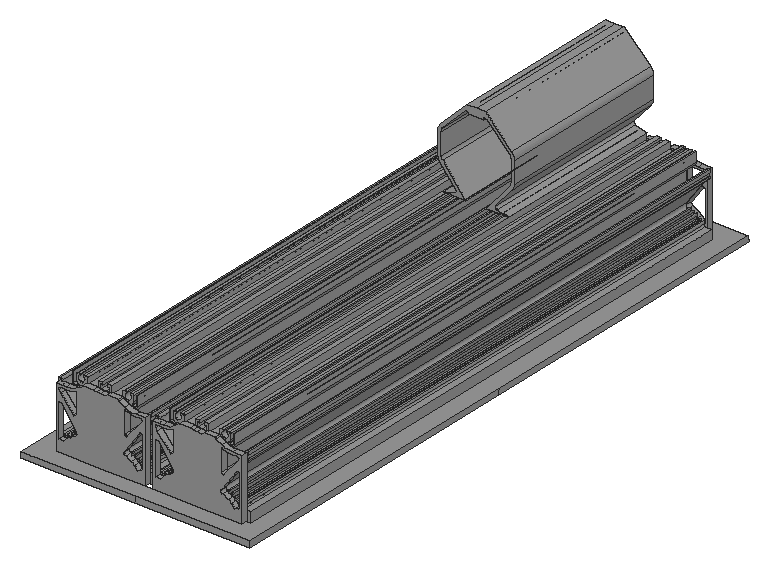
Revit family "L-street 48 Standart", category Осветительные приборы, Revit 2017 (continued)
Types (5, lengths in mm): name | built-in parameter 1150134 | Файл фотометрической сетки | built-in parameter 1150105 | Lumens | built-in parameter 1150106 | built-in parameter 1150142 | Wattage | built-in parameter 1150107 | Артикул
     1012.92 680.564 562.23 452.389 \r\n333.488 213.455 133.055 96.819 78.135 67.377 60.583 53.789 0.00 0.00 0.00 0.00 0.00 0.00 0.00 0.00 0.00 0.00 0.00 0.00 0.00 0.00 \r\n0.00 0.00 0.00 0.00 0.00 0.00 0.00 0.00 0.00 0.00 0.00 0.00 0.00 0.00 0.00 0.00 0.00 0.00 0.00 0.00 0.00 0.00\r\n2431.019 2486.72 2547.868 2610.15 2675.828 2741.506 2810.582 2876.26 2939.674 2995.161 3050.648 3111.797 3178.607 3252.213 3322.42 \r\n3401.687 3465.101 3480.954 3450.38 3437.924 3460.572 3475.293 3429.997 3188.799 2345.171 1302.244 803.994 628.474 503.912 364.628 \r\n220.815 130.224 95.12 79.267 69.076 62.281 54.355 0.00 0.00 0.00 0.00 0.00 0.00 0.00 0.00 0.00 0.00 0.00 0.00 0.00 0.00 0.00 0.00 \r\n0.00 0.00 0.00 0.00 0.00 0.00 0.00 0.00 0.00 0.00 0.00 0.00 0.00 0.00 0.00 0.00 0.00 0.00 0.00 0.00\r\n2431.019 2486.154 2544.471 2605.054 2669.60 2735.845 2804.354 2870.032 2931.748 2987.801 3043.854 3102.738 3163.886 3231.264 \r\n3299.207 3376.775 3453.777 3499.639 3495.11 3479.822 3492.845 3522.287 3536.442 3444.152 2934.578 1994.698 1193.535 787.008 566.193\r\n 391.806 245.162 140.416 97.385 82.098 73.039 65.679 57.186 0.00 0.00 0.00 0.00 0.00 0.00 0.00 0.00 0.00 0.00 0.00 0.00 0.00 0.00 \r\n0.00 0.00 0.00 0.00 0.00 0.00 0.00 0.00 0.00 0.00 0.00 0.00 0.00 0.00 0.00 0.00 0.00 0.00 0.00 0.00 0.00 0.00\r\n2431.019 2485.587 2541.074 2599.958 2663.372 2730.183 2798.126 2863.804 2923.821 2980.44 3037.059 3093.678 3149.165 3210.314 \r\n3275.993 3351.862 3442.453 3518.323 3539.839 3521.72 3525.118 3569.281 3642.886 3699.505 3523.985 2687.152 1583.076 945.542 628.474\r\n 418.983 269.508 150.607 99.65 84.929 77.002 69.076 60.016 0.00 0.00 0.00 0.00 0.00 0.00 0.00 0.00 0.00 0.00 0.00 0.00 0.00 0.00 \r\n0.00 0.00 0.00 0.00 0.00 0.00 0.00 0.00 0.00 0.00 0.00 0.00 0.00 0.00 0.00 0.00 0.00 0.00 0.00 0.00 0.00 0.00\r\n2431.019 2486.154 2539.376 2594.863 2656.012 2721.69 2790.199 2854.179 2913.063 2969.116 3026.868 3082.355 3135.011 3192.196 \r\n3253.345 3323.553 3407.916 3493.411 3547.766 3556.824 3561.354 3588.532 3646.283 3727.815 3710.829 3248.816 2373.481 1493.617 \r\n854.952 490.323 291.59 157.402 105.878 91.724 83.23 75.304 64.546 0.00 0.00 0.00 0.00 0.00 0.00 0.00 0.00 0.00 0.00 0.00 0.00 0.00 \r\n0.00 0.00 0.00 0.00 0.00 0.00 0.00 0.00 0.00 0.00 0.00 0.00 0.00 0.00 0.00 0.00 0.00 0.00 0.00 0.00 0.00 0.00 0.00\r\n2431.019 2486.72 2537.677 2589.767 2648.651 2713.197 2782.272 2844.554 2902.305 2957.792 3016.676 3071.031 3120.856 3174.078 \r\n3230.697 3295.243 3373.378 3468.498 3555.692 3591.928 3597.59 3607.782 3649.68 3756.124 3897.672 3810.476 3163.881 2041.689 \r\n1081.428 561.663 313.671 164.196 112.106 98.518 89.458 81.532 69.076 0.00 0.00 0.00 0.00 0.00 0.00 0.00 0.00 0.00 0.00 0.00 0.00 \r\n0.00 0.00 0.00 0.00 0.00 0.00 0.00 0.00 0.00 0.00 0.00 0.00 0.00 0.00 0.00 0.00 0.00 0.00 0.00 0.00 0.00 0.00 0.00 0.00\r\n2431.019 2487.286 2533.148 2582.973 2638.46 2700.175 2766.985 2830.399 2888.717 2945.336 3004.786 3058.575 3106.701 3156.526 \r\n3206.917 3260.139 3322.987 3401.688 3488.315 3555.692 3594.193 3616.841 3639.489 3694.409 3796.891 3837.656 3520.021 2738.675 \r\n1786.905 975.55 417.851 162.498 113.805 109.276 101.349 90.591 75.304 0.00 0.00 0.00 0.00 0.00 0.00 0.00 0.00 0.00 0.00 0.00 0.00 \r\n0.00 0.00 0.00 0.00 0.00 0.00 0.00 0.00 0.00 0.00 0.00 0.00 0.00 0.00 0.00 0.00 0.00 0.00 0.00 0.00 0.00 0.00 0.00 0.00\r\n2431.019 2487.852 2528.618 2576.178 2628.268 2687.152 2751.698 2816.244 2875.128 2932.88 2992.896 3046.118 3092.546 3138.974 \r\n3183.137 3225.035 3272.595 3334.877 3420.938 3519.456 3590.796 3625.90 3629.297 3632.694 3696.109 3864.833 3876.154 3435.654 \r\n2492.377 1389.434 522.029 160.799 115.503 120.033 113.239 99.65 81.532 0.00 0.00 0.00 0.00 0.00 0.00 0.00 0.00 0.00 0.00 0.00 0.00 \r\n0.00 0.00 0.00 0.00 0.00 0.00 0.00 0.00 0.00 0.00 0.00 0.00 0.00 0.00 0.00 0.00 0.00 0.00 0.00 0.00 0.00 0.00 0.00 0.00\r\n2431.019 2490.117 2528.618 2572.781 2623.172 2681.49 2744.338 2805.487 2860.973 2917.027 2973.08 3023.471 3067.068 3111.797 \r\n3152.563 3188.233 3225.035 3272.03 3336.576 3413.578 3485.484 3540.971 3568.148 3575.509 3592.495 3674.593 3721.587 3454.344 \r\n2733.58 1718.396 632.438 154.005 106.444 121.166 116.07 102.481 81.532 0.00 0.00 0.00 0.00 0.00 0.00 0.00 0.00 0.00 0.00 0.00 0.00 \r\n0.00 0.00 0.00 0.00 0.00 0.00 0.00 0.00 0.00 0.00 0.00 0.00 0.00 0.00 0.00 0.00 0.00 0.00 0.00 0.00 0.00 0.00 0.00 0.00\r\n2431.019 2492.382 2528.618 2569.384 2618.076 2675.828 2736.977 2794.729 2846.818 2901.173 2953.263 3000.823 3041.589 3084.619 \r\n3121.988 3151.43 3177.475 3209.182 3252.214 3307.70 3380.173 3456.043 3506.999 3518.323 3488.882 3484.353 3567.017 3473.028 \r\n2974.777 2047.352 742.844 147.21 97.385 122.298 118.901 105.312 81.532 0.00 0.00 0.00 0.00 0.00 0.00 0.00 0.00 0.00 0.00 0.00 0.00 \r\n0.00 0.00 0.00 0.00 0.00 0.00 0.00 0.00 0.00 0.00 0.00 0.00 0.00 0.00 0.00 0.00 0.00 0.00 0.00 0.00 0.00 0.00 0.00 0.00\r\n2431.019 2492.948 2524.089 2562.024 2609.584 2665.071 2724.521 2780.574 2832.664 2886.452 2937.976 2984.97 3025.736 3065.369 \r\n3099.341 3121.988 3143.504 3167.284 3195.594 3228.432 3273.162 3322.987 3362.62 3385.834 3387.533 3386.967 3400.556 3286.752 \r\n2881.923 1956.197 698.682 150.607 99.65 129.659 131.357 119.467 94.555 0.00 0.00 0.00 0.00 0.00 0.00 0.00 0.00 0.00 0.00 0.00 0.00 \r\n0.00 0.00 0.00 0.00 0.00 0.00 0.00 0.00 0.00 0.00 0.00 0.00 0.00 0.00 0.00 0.00 0.00 0.00 0.00 0.00 0.00 0.00 0.00 0.00\r\n2431.019 2493.514 2519.559 2554.663 2601.091 2654.313 2712.064 2766.419 2818.509 2871.731 2922.688 2969.116 3009.882 3046.118 \r\n3076.693 3092.546 3109.532 3125.385 3138.974 3149.165 3166.152 3189.932 3218.242 3253.346 3286.185 3289.582 3234.096 3100.475 \r\n2789.068 1865.041 654.519 154.004 101.915 137.019 143.813 133.622 107.577 0.00 0.00 0.00 0.00 0.00 0.00 0.00 0.00 0.00 0.00 0.00 \r\n0.00 0.00 0.00 0.00 0.00 0.00 0.00 0.00 0.00 0.00 0.00 0.00 0.00 0.00 0.00 0.00 0.00 0.00 0.00 0.00 0.00 0.00 0.00 0.00 0.00\r\n2431.019 2493.514 2516.162 2548.435 2593.164 2643.555 2697.343 2748.867 2799.259 2850.782 2898.908 2942.505 2981.573 3016.676 \r\n3041.589 3054.611 3066.502 3077.259 3084.053 3086.318 3088.017 3089.715 3097.076 3109.532 3118.026 3119.724 3070.466 2899.476 \r\n2555.23 1512.869 460.882 136.453 121.166 141.549 139.85 129.092 102.481 0.00 0.00 0.00 0.00 0.00 0.00 0.00 0.00 0.00 0.00 0.00 0.00\r\n 0.00 0.00 0.00 0.00 0.00 0.00 0.00 0.00 0.00 0.00 0.00 0.00 0.00 0.00 0.00 0.00 0.00 0.00 0.00 0.00 0.00 0.00 0.00 0.00\r\n2431.019 2493.514 2512.764 2542.207 2585.237 2632.797 2682.622 2731.315 2780.008 2829.833 2875.128 2915.894 2953.263 2987.234 \r\n3006.485 3016.676 3023.471 3029.132 3029.132 3023.471 3009.882 2989.499 2975.91 2965.719 2949.866 2949.866 2906.836 2698.477 \r\n2321.392 1160.697 267.244 118.901 140.416 146.078 135.886 124.562 97.385 0.00 0.00 0.00 0.00 0.00 0.00 0.00 0.00 0.00 0.00 0.00 \r\n0.00 0.00 0.00 0.00 0.00 0.00 0.00 0.00 0.00 0.00 0.00 0.00 0.00 0.00 0.00 0.00 0.00 0.00 0.00 0.00 0.00 0.00 0.00 0.00 0.00\r\n2431.019 2493.514 2508.801 2534.846 2571.649 2615.812 2662.806 2708.668 2755.096 2803.222 2846.252 2887.585 2923.821 2955.528 \r\n2972.514 2978.175 2981.007 2981.006 2976.477 2966.286 2948.167 2924.953 2905.136 2880.79 2846.252 2822.472 2747.169 2516.163 \r\n2118.695 1003.861 239.50 123.997 144.946 147.777 137.019 125.695 98.518 0.00 0.00 0.00 0.00 0.00 0.00 0.00 0.00 0.00 0.00 0.00 0.00\r\n 0.00 0.00 0.00 0.00 0.00 0.00 0.00 0.00 0.00 0.00 0.00 0.00 0.00 0.00 0.00 0.00 0.00 0.00 0.00 0.00 0.00 0.00 0.00 0.00\r\n2431.019 2493.514 2504.838 2527.485 2558.06 2598.826 2642.989 2686.02 2730.183 2776.61 2817.376 2859.275 2894.379 2923.821 2938.542\r\n 2939.674 2938.542 2932.88 2923.821 2909.10 2886.452 2860.407 2834.362 2795.861 2742.639 2695.079 2587.502 2333.848 1915.998 \r\n847.025 211.756 129.092 149.475 149.475 138.151 126.827 99.65 0.00 0.00 0.00 0.00 0.00 0.00 0.00 0.00 0.00 0.00 0.00 0.00 0.00 0.00\r\n 0.00 0.00 0.00 0.00 0.00 0.00 0.00 0.00 0.00 0.00 0.00 0.00 0.00 0.00 0.00 0.00 0.00 0.00 0.00 0.00 0.00 0.00\r\n2431.019 2493.514 2502.007 2518.993 2547.869 2584.671 2625.437 2665.071 2706.403 2748.867 2786.236 2823.605 2855.312 2880.79 \r\n2894.945 2895.511 2892.114 2888.717 2879.092 2862.672 2838.892 2813.413 2784.537 2742.639 2688.851 2636.195 2504.838 2220.609 \r\n1758.029 703.212 182.314 131.357 147.777 143.247 132.489 121.165 94.554 0.00 0.00 0.00 0.00 0.00 0.00 0.00 0.00 0.00 0.00 0.00 0.00\r\n 0.00 0.00 0.00 0.00 0.00 0.00 0.00 0.00 0.00 0.00 0.00 0.00 0.00 0.00 0.00 0.00 0.00 0.00 0.00 0.00 0.00 0.00 0.00 0.00\r\n2431.019 2493.514 2499.176 2510.50 2537.677 2570.516 2607.885 2644.121 2682.622 2721.123 2755.095 2787.934 2816.244 2837.759 \r\n2851.348 2851.348 2845.686 2844.554 2834.362 2816.244 2791.331 2766.419 2734.712 2689.417 2635.062 2577.31 2422.174 2107.37 \r\n1600.061 559.399 152.872 133.622 146.078 137.019 126.827 115.503 89.458 0.00 0.00 0.00 0.00 0.00 0.00 0.00 0.00 0.00 0.00 0.00 0.00\r\n 0.00 0.00 0.00 0.00 0.00 0.00 0.00 0.00 0.00 0.00 0.00 0.00 0.00 0.00 0.00 0.00 0.00 0.00 0.00 0.00 0.00 0.00 0.00 0.00\r\n2431.019 2498.044 2500.875 2510.50 2534.846 2565.421 2598.826 2632.798 2668.468 2703.572 2736.977 2767.551 2793.03 2812.847 2821.34\r\n 2820.208 2816.244 2815.112 2807.185 2792.464 2772.081 2751.698 2723.388 2682.057 2631.099 2573.347 2430.667 2140.21 1656.115 \r\n677.733 198.168 121.732 133.622 137.585 131.923 121.165 95.687 0.00 0.00 0.00 0.00 0.00 0.00 0.00 0.00 0.00 0.00 0.00 0.00 0.00 \r\n0.00 0.00 0.00 0.00 0.00 0.00 0.00 0.00 0.00 0.00 0.00 0.00 0.00 0.00 0.00 0.00 0.00 0.00 0.00 0.00 0.00 0.00 0.00\r\n2431.019 2502.573 2502.573 2510.50 2532.015 2560.325 2589.767 2621.474 2654.313 2686.02 2718.859 2747.168 2769.816 2787.934 \r\n2791.331 2789.067 2786.802 2785.669 2780.008 2768.684 2752.83 2736.977 2712.064 2674.696 2627.135 2569.384 2439.159 2173.049 \r\n1712.168 796.067 243.463 109.841 121.165 138.151 137.019 126.827 101.915 0.00 0.00 0.00 0.00 0.00 0.00 0.00 0.00 0.00 0.00 0.00 \r\n0.00 0.00 0.00 0.00 0.00 0.00 0.00 0.00 0.00 0.00 0.00 0.00 0.00 0.00 0.00 0.00 0.00 0.00 0.00 0.00 0.00 0.00 0.00 0.00 0.00" | 56.893 W | 5000 (stored number, unit not read) | "312112"
